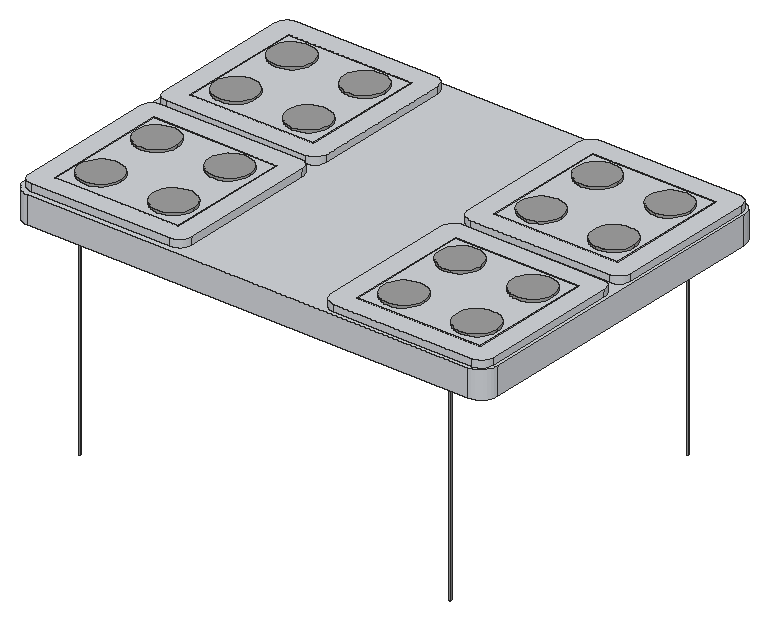
Revit family "Lighting-Industrial-GEWISS-SMART[4]HE_HIGHBAYS-LED_EMERGENCY_4M", category Apparecchi per illuminazione, Revit 2019
Family settings
  Quota connettore circolare = Usa diametro
  Tipo di parte = Normale
  Numero OmniClass = 23.80.70.00
  Titolo OmniClass = Lighting
  Basato su piano di lavoro = Sì
  Sempre verticale = No
  Taglio con vuoti quando caricato = No
  Sorgente d'illuminazione = No
  Condiviso = No
  Punto di calcolo locali = No
Parameters (values of type "GWS4424AQ857 - SMART4HB 4M EMERG ELL.57K")
  Wiring = "With GW connect watertight connector"
  Weight (kg): = "15"
  Warranty = "5 years"
  Voltaggio = 230 V
  Version file RFA = "20.11"
  Unique digital code (Datamatrix) = "Datamatrix"
  Unified Glare Rating = "-"
  URL = "https://www.gewiss.com/ww/en"
  Type of light source = "LED - Not replaceable"
  Tilt- = "-"
  Technical sheet = "https://www.gewiss.com/ww/en/search?q=GWS4424AQ857"
  System power : = "189 W (+5W Emerg.)"
  Supply voltage = "220 - 240 V"
  Stocking temperature = "-40 +70 °C"
  Standards and approvals = "-"
  Standard- = "EN 60598-2-22 ; EN 60598-1 ; EN 60598-2-24"
  Standard Deviation Colour Matching = "SDCM = 3"
  Spostamento_y_etichetta [instance] = 0 mm
  Spostamento_y_effettivo_etichetta [instance] = 1500 mm - Spostamento_y_etichetta  # 1500 mm
  Spostamento_x_etichetta [instance] = 0 mm
  Spostamento_x_effettivo_etichetta [instance] = 1500 mm - Spostamento_x_etichetta  # 1500 mm
  Shock resistance = "IK08"
  Shield type = "Tempered glass Thickness 4mm"
  Realized by GEWISS S.p.A. = ""
  Rated frequency (Hz) = "50/60 Hz"
  Produttore = "GEWISS S.p.A."
  Photobiological Risk Class = "RG0"
  Overvoltage protection = "DM 6 kV / CM 10 kV"
  Optic and illuminating features = "-"
  Optic Maintenance = "Non-replaceable"
  Optic : = "Metallic PC reflector and PMMA lenses"
  Optic = "Elliptical"
  Operating temperature : = "0 ÷ +40 °C"
  Offset etichetta W [instance] = 150 mm
  Mouting and installation = "Ceiling light - Suspension"
  Modello = "GWS4424AQ857"
  Maximum surface exposed to the wind : = "0,390 m²"
  Materials = "-"
  Luminaire = "LED Industrial Reflector "
  Lumen output (lm) : = "25100 (750 Emerg.)"
  Locking Hook = "-"
  Lifetime = "L90B10 (Tq+25°C) = 100.000 h - L90B10 (Tq+50°C) = 50.000 h"
  Lampada = "LED"
  LED Maintenance = "NiMh Battery Only"
  Insulation class = "I"
  Installationa and maintenance = "-"
  Immagine tipo = GWL1371.jpg
  IPEA = "-"
  IP degree = "IP65"
  IFC.TypeObject = ""
  IFC.ExportType = ""
  IFC.ExportAs = ""
  IDT = "1adfa9cf797d4895a1fab49bc89e804b"
  IDF = "a6214cc1-27ff-45b2-8af4-b6419296a538"
  Glow Wire Test : = "850 °C"
  General information = "-"
  Gasket = "anti-aging silicone"
  Fixing = "-"
  External screw = "Stainless steel"
  Etichetta wattaggio [instance] = yes
  Spessore plafoniera = 40 mm  # constant formula
  Default Elevation = 1219.2 mm
  Proiettsmart4_simb [instance] = yes
  Plafoniera_bidimensionale [instance] = not(Proiettsmart4_simb)  # no
  Eletrical and lighting features = "-"
  Electrocod = "2444"
  Efficiency (lm/W) = "129"
  Driver Box = "Built-in"
  Driver = "Included"
  Device with reduced surface temperature = "Yes"
  Descrizione = "SMART[4]HB 4M EMERG ELL.57K"
  DIN 18032-3 certification = "-"
  Control System = "2 x DALI DT6 + 1 x DALI DT1 (Emerg. 3h)"
  Context = "Lighting for industries and large sports facilities"
  Commenti sul wattaggio = "194W"
  Colour temperature = "5700K"
  Colour : = "Grey RAL 7035"
  Colour = "Grey RAL 7035"
  Color Rendering Index = "CRI-80"
  Classificazione = Lighting
  Classification: = "-"
  Catalogue = "LIGHTING"
  Carico apparente = 194 VA
  Lunghezza = 700 mm  # constant formula
  Larghezza = 504 mm  # constant formula
  Distanza_tot_plafoniera [instance] = 300 mm
  Distanza Sorg_Lum = 21.458 mm
  COBie.Tagnumber = ""
  COBie.CreatedOn = ""
  COBie.CreatebBy = ""
  COBie.ComponentRegisterItemID = ""
  COBie.Component.TagNumber = ""
  COBie.Component.Space = ""
  COBie.Component.SerialNumber = ""
  COBie.Component.InstallationDate = ""
  COBie.Component.Description = ""
  COBie.Component.BarCode = ""
  Body = "PA6 \"Halogen Free\" loaded fibreglass"
  Application = "Internal"
Types (18, lengths in mm): name | Unified Glare Rating | Technical sheet | Optic : | Optic | Modello | Lumen output (lm) : | IDT | Efficiency (lm/W) | Descrizione | Control System | Colour temperature
  GWS4424AF830 - SMART4HB 4M EMERG 30° 30K | "UGR - 19" | "https://www.gewiss.com/ww/en/search?q=GWS4424AF830" | "Metallic PC reflector and PMMA lenses" | "30°" | "GWS4424AF830" | "26400 (810 Emerg.)" | "f45d6d831ac548db855c4f1aa7820c72" | "136" | "SMART[4]HB 4M EMERG 30° 30K" | "2 x DALI DT6 + 1 x DALI DT1 (Emerg. 3h)" | "3000K"
  GWS4424AF840 - SMART4HB 4M EMERG 30° 40K | "UGR - 19" | "https://www.gewiss.com/ww/en/search?q=GWS4424AF840" | "Metallic PC reflector and PMMA lenses" | "30°" | "GWS4424AF840" | "27700 (850 Emerg.)" | "b457ad9b2ffb4fc692e71463a0755cbf" | "143" | "SMART[4]HB 4M EMERG 30° 40K" | "2 x DALI DT6 + 1 x DALI DT1 (Emerg. 3h)" | "4000K"
  GWS4424AF857 - SMART4HB 4M EMERG 30° 57K | "UGR - 19" | "https://www.gewiss.com/ww/en/search?q=GWS4424AF857" | "Metallic PC reflector and PMMA lenses" | "30°" | "GWS4424AF857" | "27700 (850 Emerg.)" | "892408308b964565ab6fdbc419a326b9" | "143" | "SMART[4]HB 4M EMERG 30° 57K" | "2 x DALI DT6 + 1 x DALI DT1 (Emerg. 3h)" | "5700K"
  GWS4424AH830 - SMART4HB 4M EMERG 60° 30K | "UGR - 19" | "https://www.gewiss.com/ww/en/search?q=GWS4424AH830" | "Metallic PC reflector and PMMA lenses" | "60°" | "GWS4424AH830" | "26800 (810 Emerg.)" | "8551b52580a244ecb20d189173bddff9" | "138" | "SMART[4]HB 4M EMERG 60° 30K" | "2 x DALI DT6 + 1 x DALI DT1 (Emerg. 3h)" | "3000K"
  GWS4424AH840 - SMART4HB 4M EMERG 60° 40K | "UGR - 19" | "https://www.gewiss.com/ww/en/search?q=GWS4424AH840" | "Metallic PC reflector and PMMA lenses" | "60°" | "GWS4424AH840" | "28100 (850 Emerg.)" | "f777883d11b441a2ad5cf0a67e6d171e" | "145" | "SMART[4]HB 4M EMERG 60° 40K" | "2 x DALI DT6 + 1 x DALI DT1 (Emerg. 3h)" | "4000K"
  GWS4424AH857 - SMART4HB 4M EMERG 60° 57K | "UGR - 19" | "https://www.gewiss.com/ww/en/search?q=GWS4424AH857" | "Metallic PC reflector and PMMA lenses" | "60°" | "GWS4424AH857" | "28100 (850 Emerg.)" | "6f3596e650114c3da0338a362b6f0903" | "145" | "SMART[4]HB 4M EMERG 60° 57K" | "2 x DALI DT6 + 1 x DALI DT1 (Emerg. 3h)" | "5700K"
  GWS4424AP830 - SMART4HB 4M EMERG 90° 30K | "UGR - 22" | "https://www.gewiss.com/ww/en/search?q=GWS4424AP830" | "Metallic PC reflector and PMMA lenses" | "90°" | "GWS4424AP830" | "27000 (810 Emerg.)" | "1fe20f014f7344988026cf9d1557adbe" | "139" | "SMART[4]HB 4M EMERG 90° 30K" | "2 x DALI DT6 + 1 x DALI DT1 (Emerg. 3h)" | "3000K"
  GWS4424AP840 - SMART4HB 4M EMERG 90° 40K | "UGR - 22" | "https://www.gewiss.com/ww/en/search?q=GWS4424AP840" | "Metallic PC reflector and PMMA lenses" | "90°" | "GWS4424AP840" | "28300 (850 Emerg.)" | "be8534fa63e445adaded6c0285676ba1" | "146" | "SMART[4]HB 4M EMERG 90° 40K" | "2 x DALI DT6 + 1 x DALI DT1 (Emerg. 3h)" | "4000K"
  GWS4424AP857 - SMART4HB 4M EMERG 90° 57K | "UGR - 22" | "https://www.gewiss.com/ww/en/search?q=GWS4424AP857" | "Metallic PC reflector and PMMA lenses" | "90°" | "GWS4424AP857" | "28300 (850 Emerg.)" | "826d5be82a0c4e84aba98d9d2a7d1379" | "146" | "SMART[4]HB 4M EMERG 90° 57K" | "2 x DALI DT6 + 1 x DALI DT1 (Emerg. 3h)" | "5700K"
  GWS4424AA830 - SMART4HB 4M EMERG ARR.30K | "UGR - 25" | "https://www.gewiss.com/ww/en/search?q=GWS4424AA830" | "Metallized polycarbonate reflector" | "Array" | "GWS4424AA830" | "26700 (810 Emerg.)" | "4567208188b94363bb2cdd9c83872ac7" | "138" | "SMART[4]HB 4M EMERG ARR.30K" | "1 x DALI DT6 + 1 x DALI DT1 (Emerg. 3h)" | "3000K"
  GWS4424AA840 - SMART4HB 4M EMERG ARR.40K | "UGR - 25" | "https://www.gewiss.com/ww/en/search?q=GWS4424AA840" | "Metallized polycarbonate reflector" | "Array" | "GWS4424AA840" | "28000 (850 Emerg.)" | "5bd31d7bd4e148d7888e7074d35043d9" | "144" | "SMART[4]HB 4M EMERG ARR.40K" | "2 x DALI DT6 + 1 x DALI DT1 (Emerg. 3h)" | "4000K"
  GWS4424AA857 - SMART4HB 4M EMERG ARR.57K | "UGR - 25" | "https://www.gewiss.com/ww/en/search?q=GWS4424AA857" | "Metallized polycarbonate reflector" | "Array" | "GWS4424AA857" | "28000 (850 Emerg.)" | "d52abd8b615b4e77b3ba5a9bc5b24d43" | "144" | "SMART[4]HB 4M EMERG ARR.57K" | "2 x DALI DT6 + 1 x DALI DT1 (Emerg. 3h)" | "5700K"
  GWS4424AC830 - SMART4HB 4M EMERG ASI.30K | "-" | "https://www.gewiss.com/ww/en/search?q=GWS4424AC830" | "Metallic PC reflector and PMMA lenses" | "Asymmetrical" | "GWS4424AC830" | "23900 (710 Emerg.)" | "9b6c4dacea0f43cb8474a1626cc54fb1" | "123" | "SMART[4]HB 4M EMERG ASI.30K" | "2 x DALI DT6 + 1 x DALI DT1 (Emerg. 3h)" | "3000K"
  GWS4424AC840 - SMART4HB 4M EMERG ASI.40K | "-" | "https://www.gewiss.com/ww/en/search?q=GWS4424AC840" | "Metallic PC reflector and PMMA lenses" | "Asymmetrical" | "GWS4424AC840" | "25100 (750 Emerg.)" | "ff9988bd215744bbb5b3d4ff7b234d06" | "129" | "SMART[4]HB 4M EMERG ASI.40K" | "2 x DALI DT6 + 1 x DALI DT1 (Emerg. 3h)" | "4000K"
  GWS4424AC857 - SMART4HB 4M EMERG ASI.57K | "-" | "https://www.gewiss.com/ww/en/search?q=GWS4424AC857" | "Metallic PC reflector and PMMA lenses" | "Asymmetrical" | "GWS4424AC857" | "25100 (750 Emerg.)" | "7353f4f9e89641fd9d0f3864277c1089" | "129" | "SMART[4]HB 4M EMERG ASI.57K" | "2 x DALI DT6 + 1 x DALI DT1 (Emerg. 3h)" | "5700K"
  GWS4424AQ830 - SMART4HB 4M EMERG ELL.30K | "-" | "https://www.gewiss.com/ww/en/search?q=GWS4424AQ830" | "Metallic PC reflector and PMMA lenses" | "Elliptical" | "GWS4424AQ830" | "23900 (710 Emerg.)" | "d8be7f5233584710a5c6c54620f75317" | "123" | "SMART[4]HB 4M EMERG ELL.30K" | "2 x DALI DT6 + 1 x DALI DT1 (Emerg. 3h)" | "3000K"
  GWS4424AQ840 - SMART4HB 4M EMERG ELL.40K | "-" | "https://www.gewiss.com/ww/en/search?q=GWS4424AQ840" | "Metallic PC reflector and PMMA lenses" | "Elliptical" | "GWS4424AQ840" | "25100 (750 Emerg.)" | "6b6cca2222e7401bb119f0d3f1e734a1" | "129" | "SMART[4]HB 4M EMERG ELL.40K" | "2 x DALI DT6 + 1 x DALI DT1 (Emerg. 3h)" | "4000K"
  GWS4424AQ857 - SMART4HB 4M EMERG ELL.57K | "-" | "https://www.gewiss.com/ww/en/search?q=GWS4424AQ857" | "Metallic PC reflector and PMMA lenses" | "Elliptical" | "GWS4424AQ857" | "25100 (750 Emerg.)" | "1adfa9cf797d4895a1fab49bc89e804b" | "129" | "SMART[4]HB 4M EMERG ELL.57K" | "2 x DALI DT6 + 1 x DALI DT1 (Emerg. 3h)" | "5700K"
Reference planes
  plane 1 "Asse sorgente illuminazione (F/B)": y = 0
  plane 2 "2": z = 0
  plane 3 "Asse sorgente illuminazione (L/R)": x = 0
  plane 4 "Prospetto sorgente di illuminazione": z = 1500
  plane 5: x = -350
  plane 6: y = 252
  plane 7: x = 350
  plane 8: y = -252
  plane 9: x = 345
  plane 10: x = -345
  plane 11: x = -104.5
  plane 12: x = 104.5
  plane 13: y = 0
  plane 14: y = -1500
  plane 15: z = 300
  plane 16: z = 340
  plane 17: z = 350
  plane 18: x = -1500
  plane 19: x = 0
  plane 20: y = 0
Dimensions and locks
  equal spacing: plane 6, plane 1 "Asse sorgente illuminazione (F/B)", plane 8
  "Larghezza": plane 6 to plane 8
  equal spacing: plane 5, plane 3 "Asse sorgente illuminazione (L/R)", plane 7
  "Lunghezza": plane 5 to plane 7
  locked: plane 5 to plane 10 at 5
  locked: plane 9 to plane 7 at 5
  locked: plane 16 to plane 15 at 40
  plane 17 to plane 16 = 10 mm
  "Distanza_tot_plafoniera": plane 15 to plane 2 "2"
  plane 18 to plane 3 "Asse sorgente illuminazione (L/R)" = 1500 mm
  plane 1 "Asse sorgente illuminazione (F/B)" to plane 14 = 1500 mm
  "Spostamento_y_effettivo_etichetta": plane 20 to plane 14
  "Spostamento_x_effettivo_etichetta": plane 18 to plane 19
  aligned and locked: level to plane 2 "2"
  aligned and locked: plane 5 to nested 1
  aligned and locked: plane 6 to nested 1
  aligned and locked: plane 9 to nested 2  (x2)
  aligned and locked: plane 10 to nested 12
  aligned and locked: nested 1 to plane 15
  aligned and locked: nested 17 to plane 16
  aligned and locked: plane 16 to nested 12
  aligned and locked: plane 16 to nested 7
  aligned and locked: nested 2 to plane 16
  aligned and locked: plane 17 to nested 19
  aligned and locked: nested 21 to plane 17
  aligned and locked: plane 17 to nested 16
  aligned and locked: nested 14 to plane 17
  aligned and locked: plane 17 to nested 18
  aligned and locked: nested 20 to plane 17
  aligned and locked: plane 17 to nested 15
  aligned and locked: nested 13 to plane 17
  aligned and locked: nested 8 to plane 17
  aligned and locked: plane 17 to nested 10
  aligned and locked: nested 5 to plane 17
  aligned and locked: plane 17 to nested 3
  aligned and locked: nested 9 to plane 17
  aligned and locked: plane 17 to nested 11
  aligned and locked: nested 6 to plane 17
  aligned and locked: plane 17 to nested 4
  aligned and locked: nested 22 to plane 2 "2"
  aligned and locked: nested 23 to plane 2 "2"
  aligned and locked: nested 24 to plane 2 "2"
  aligned and locked: nested 25 to plane 2 "2"
  aligned and locked: nested 28 to plane 20
  aligned and locked: nested 28 to plane 19
Nested families
  nested 1: "Struttura_SMART 4" at (0, 0, 340), type "SMART 4 HB - 4 x 4L"
  nested 2: "mascherina_SMART (4)" at (225, 127, 350), type "Maschera_smart (4) 4L", detail levels fine
  nested 3: "Gewis - Led" at (172.217, 179, 353), type "Gewis - Led", detail levels medium+fine
  nested 4: "Gewis - Led" at (280, 179, 353), type "Gewis - Led", detail levels medium+fine
  nested 5: "Gewis - Led" at (172.217, 75, 353), type "Gewis - Led", detail levels medium+fine
  nested 6: "Gewis - Led" at (280, 75, 353), type "Gewis - Led", detail levels medium+fine
  nested 7: "mascherina_SMART (4)" at (225, -127, 350), type "Maschera_smart (4) 4L", detail levels fine
  nested 8: "Gewis - Led" at (172.217, -179, 353), type "Gewis - Led", detail levels medium+fine
  nested 9: "Gewis - Led" at (280, -179, 353), type "Gewis - Led", detail levels medium+fine
  nested 10: "Gewis - Led" at (172.217, -75, 353), type "Gewis - Led", detail levels medium+fine
  nested 11: "Gewis - Led" at (280, -75, 353), type "Gewis - Led", detail levels medium+fine
  nested 12: "mascherina_SMART (4)" at (-225, 127, 350) x (-1, 0, 0) z (0, 0, 1), type "Maschera_smart (4) 4L", detail levels fine
  nested 13: "Gewis - Led" at (-172.217, 179, 353) x (-1, 0, 0) z (0, 0, 1), type "Gewis - Led", detail levels medium+fine
  nested 14: "Gewis - Led" at (-280, 179, 353) x (-1, 0, 0) z (0, 0, 1), type "Gewis - Led", detail levels medium+fine
  nested 15: "Gewis - Led" at (-172.217, 75, 353) x (-1, 0, 0) z (0, 0, 1), type "Gewis - Led", detail levels medium+fine
  nested 16: "Gewis - Led" at (-280, 75, 353) x (-1, 0, 0) z (0, 0, 1), type "Gewis - Led", detail levels medium+fine
  nested 17: "mascherina_SMART (4)" at (-225, -123, 350) x (-1, 0, 0) z (0, 0, 1), type "Maschera_smart (4) 4L", detail levels fine
  nested 18: "Gewis - Led" at (-172.217, -175, 353) x (-1, 0, 0) z (0, 0, 1), type "Gewis - Led", detail levels medium+fine
  nested 19: "Gewis - Led" at (-280, -175, 353) x (-1, 0, 0) z (0, 0, 1), type "Gewis - Led", detail levels medium+fine
  nested 20: "Gewis - Led" at (-172.217, -71, 353) x (-1, 0, 0) z (0, 0, 1), type "Gewis - Led", detail levels medium+fine
  nested 21: "Gewis - Led" at (-280, -71, 353) x (-1, 0, 0) z (0, 0, 1), type "Gewis - Led", detail levels medium+fine
  nested 22: "Sospensione_ SMART LAB 4" at (274.338, -220.687, 0), Altezza sospensione <- "Distanza_tot_plafoniera", type "Sospensione_ SMART LAB 4"
    with Altezza sospensione 300 mm
  nested 23: "Sospensione_ SMART LAB 4" at (274.338, 219.313, 0), Altezza sospensione <- "Distanza_tot_plafoniera", type "Sospensione_ SMART LAB 4"
    with Altezza sospensione 300 mm
  nested 24: "Sospensione_ SMART LAB 4" at (-274.338, -220.687, 0), Altezza sospensione <- "Distanza_tot_plafoniera", type "Sospensione_ SMART LAB 4"
    with Altezza sospensione 300 mm
  nested 25: "Sospensione_ SMART LAB 4" at (-274.338, 219.313, 0), Altezza sospensione <- "Distanza_tot_plafoniera", type "Sospensione_ SMART LAB 4"
    with Altezza sospensione 300 mm
  nested 26: "Rappr_ bidimensionale" at (0, 0, 0), visible <- "Plafoniera_bidimensionale", type "4 X4 LED"
  nested 27: "PROIETTSMART - 4" at (0, 0, 0), visible <- "Proiettsmart4_simb", type "PROIETTSMART - 4"
  nested 28: "ETICHETTA LIGHT" at (0, 0, 0), type "ETICHETTA LIGHT"
Connectors
  electrical at (0.009, -0.098, 300), driven by "Classificazione", driven by "Carico apparente"
    settings: on nested 1, index 1, voltage 230 V, apparent load 0 VA, apparent load phase1 194 VA, apparent load phase2 0 VA, apparent load phase3 0 VA, power factor 1, load classification "Lighting", number of poles 2, system type 31, power factor state 1, is connector primary yes, connector utility no, sub classification motor no, connector description ""
Definition of nested family "Struttura_SMART 4"
  Parameters (values of type "SMART 4 HB - 4 x 4L")
    Struttura plafoniera = none
    Spessore_plafoniera = 40 mm
    Lunghezza = 700 mm
    Larghezza = 504 mm
  Types (2, lengths in mm): name | Lunghezza | Larghezza
    SMART 4 HB - 4+4L | 699 | 254
    SMART 4 HB - 4 x 4L | 700 | 504
  Reference planes
    plane 1 "Asse sorgente illuminazione (F/B)": y = 0
    plane 2: z = 0
    plane 3 "Asse sorgente illuminazione (L/R)": x = 0
    plane 4 "Prospetto sorgente di illuminazione": z = -40
    plane 5 "SX": x = -350
    plane 6 "DX": x = 350
    plane 7 "DIETRO": y = 252
    plane 8 "AVANTI": y = -252
    plane 9: x = 107
    plane 10: x = 339
    plane 11: y = -241
    plane 12: y = 241
    plane 13: x = -339
    plane 14: x = -107
  Forms (mm)
    Extrusion 1, solid, material <- "Struttura plafoniera"
      sketch origin (0, 0, 0) x (1, 0, 0) y (0, 1, 0)
        loop
          line (350, -227.595) -> (350, 227.59)
          arc (350, 227.59) -> (342.85, 244.85) -> (325.59, 252) r 24.41
          line (325.59, 252) -> (-325.509, 252)
          arc (-325.509, 252) -> (-343.054, 244.6) -> (-350, 226.871) r 24.499
          line (-350, 226.871) -> (-350, -227.592)
          arc (-350, -227.592) -> (-342.851, -244.851) -> (-325.592, -252) r 24.408
          line (-325.592, -252) -> (325.617, -252)
          arc (325.617, -252) -> (342.834, -244.868) -> (349.965, -227.652) r 24.348
      from -40 to 0
  Dimensions and locks
    equal spacing: plane 5 "SX", plane 3 "Asse sorgente illuminazione (L/R)", plane 6 "DX"
    equal spacing: plane 7 "DIETRO", plane 1 "Asse sorgente illuminazione (F/B)", plane 8 "AVANTI"
    "Lunghezza": plane 5 "SX" to plane 6 "DX"
    "Larghezza": plane 7 "DIETRO" to plane 8 "AVANTI"
    locked: plane 7 "DIETRO" to plane 12 at 11
    locked: plane 11 to plane 8 "AVANTI" at 11
    locked: plane 10 to plane 6 "DX" at 11
    locked: plane 9 to plane 10 at 232
    plane 13 to plane 14 = 232 mm
    locked: plane 5 "SX" to plane 13 at 11
    "Spessore_plafoniera": plane 2 to plane 4 "Prospetto sorgente di illuminazione"
    aligned and locked: level to plane 2
    aligned and locked: Extrusion 1 to plane 5 "SX"
    aligned and locked: Extrusion 1 to plane 8 "AVANTI"  (x2)
    aligned and locked: plane 7 "DIETRO" to Extrusion 1
    aligned and locked: plane 6 "DX" to Extrusion 1
    aligned and locked: plane 4 "Prospetto sorgente di illuminazione" to Extrusion 1
    aligned and locked: plane 2 to Extrusion 1
  Automatic sketch dimensions
    Extrusion 1 sketch curve to plane 5 "SX" = 0 mm
    Extrusion 1 sketch curve to plane 8 "AVANTI" = 0 mm
    Extrusion 1 sketch curve to plane 7 "DIETRO" = 0 mm
    Extrusion 1 sketch curve to plane 6 "DX" = 0 mm
    plane 13 to Extrusion 1 sketch curve = 13.408 mm
    plane 13 to Extrusion 1 sketch curve = 13.491 mm
    Extrusion 1 sketch curve to plane 10 = 13.41 mm
    Extrusion 1 sketch curve to plane 10 = 13.383 mm
    plane 11 to Extrusion 1 sketch curve = 13.348 mm
    Extrusion 1 sketch curve to plane 12 = 14.129 mm
    Extrusion 1 sketch curve to Extrusion 1 sketch curve = 0.056 mm
Definition of nested family "mascherina_SMART (4)"
  Parameters (values of type "Maschera_smart (4) 4L")
    Spessore_mascherina = 10 mm
    Default Elevation = 1219.2 mm
    N.intarsi = (Lunghezza_mascherina - (Bordo * 2)) / 15 mm  # 12
    N._intarsi verticale = (Larghezza_mascherina - (Bordo * 2)) / 17 mm  # 11
    Mascherina = none
    Lunghezza_mascherina = 240 mm
    Larghezza_mascherina = 240 mm
    Distanza_intarsi v. = 41 mm  # constant formula
    Distanza_intarsi = 37 mm  # constant formula
    Bordo = 29 mm
  Reference planes
    plane 1 "Centro (Fronte/Retro)": y = 0
    plane 2: z = 0
    plane 3 "Centro (Sinistra/Destra)": x = 0
    plane 4: x = -120
    plane 5 "Dietro": y = 120
    plane 6: x = 120
    plane 7: y = -120
    plane 8: x = -91
    plane 9: y = -91
    plane 10: x = 91
    plane 11: y = 91
    plane 12: x = -83
    plane 13: y = 94.742
    plane 14: y = -95
    plane 15: z = -10
    plane 16: x = -95
    plane 17: y = 79
    plane 18: y = -79
    plane 19: x = 95
    plane 20: z = -4.799
  Forms (mm)
    Extrusion 1, solid, material <- "Mascherina"
      sketch origin (0, 0, 0) x (1, 0, 0) y (0, 1, 0)
        loop
          arc (-102.5, 120) -> (-114.874, 114.874) -> (-120, 102.5) r 17.5
          line (-120, 102.5) -> (-120, -102.5)
          arc (-120, -102.5) -> (-114.874, -114.874) -> (-102.5, -120) r 17.5
          line (-102.5, -120) -> (102.5, -120)
          arc (102.5, -120) -> (114.874, -114.874) -> (120, -102.5) r 17.5
          line (120, -102.5) -> (120, 102.5)
          arc (120, 102.5) -> (114.874, 114.874) -> (102.5, 120) r 17.5
          line (102.5, 120) -> (-102.5, 120)
        loop
          line (-91, 91) -> (-91, -91) -> (91, -91) -> (91, 91) -> (-91, 91)
      from -10 to 0
    Extrusion 2, solid, material <- "Mascherina"
      sketch origin (0, 0, 0) x (1, 0, 0) y (0, 1, 0)
        loop
          line (-91, 91) -> (-91, -91) -> (91, -91) -> (91, 91) -> (-91, 91)
      from -4.799 to 0
  Dimensions and locks
    equal spacing: plane 4, plane 3 "Centro (Sinistra/Destra)", plane 6
    "Lunghezza_mascherina": plane 4 to plane 6
    equal spacing: plane 5 "Dietro", plane 1 "Centro (Fronte/Retro)", plane 7
    "Larghezza_mascherina": plane 5 "Dietro" to plane 7
    "Bordo": plane 4 to plane 8
    "Bordo": plane 9 to plane 7
    "Bordo": plane 5 "Dietro" to plane 11
    "Bordo": plane 10 to plane 6
    "Distanza_intarsi": plane 4 to plane 12
    locked: plane 13 to plane 11 at 3.742
    "Spessore_mascherina": plane 2 to plane 15
    "Distanza_intarsi v.": plane 5 "Dietro" to plane 17
    "Distanza_intarsi v.": plane 18 to plane 7
    locked: plane 9 to plane 14 at 4
    locked: plane 16 to plane 8 at 4
    locked: plane 10 to plane 19 at 4
    locked: plane 2 to plane 20 at 4.799
    radius of Extrusion 1 sketch curve = 17.5 mm  (x4)
    aligned and locked: level to plane 2
    aligned and locked: plane 4 to Extrusion 1 sketch curve
    aligned and locked: plane 6 to Extrusion 1 sketch curve
    aligned and locked: Extrusion 1 sketch curve to plane 5 "Dietro"
    aligned and locked: Extrusion 1 sketch curve to plane 7
    aligned and locked: Extrusion 1 sketch curve to plane 11
    aligned and locked: plane 8 to Extrusion 1 sketch curve
    aligned and locked: plane 9 to Extrusion 1 sketch curve
    aligned and locked: Extrusion 1 sketch curve to plane 10
    aligned and locked: plane 2 to Extrusion 1
    aligned and locked: Extrusion 1 to plane 15
    aligned and locked: Extrusion 2 sketch curve to plane 10
    aligned and locked: plane 9 to Extrusion 2 sketch curve
    aligned and locked: plane 8 to Extrusion 2 sketch curve
    aligned and locked: Extrusion 2 sketch curve to plane 11
    aligned and locked: plane 2 to Extrusion 2
    aligned and locked: Extrusion 2 to plane 20
Definition of nested family "Gewis - Led"
  Parameters (values of type "Gewis - Led")
    Vetro = none
    Raggio led = 30 mm
    Default Elevation = 1219.2 mm
    Estensione vetro = 3 mm
  Reference planes
    plane 1 "Centro (Fronte/Retro)": y = 0
    plane 2: z = 0
    plane 3 "Centro (Sinistra/Destra)": x = 0
  Forms (mm)
    Extrusion 1, solid, material <- "Vetro"
      sketch origin (0, 0, 0) x (1, 0, 0) y (0, 1, 0)
        loop
          circle (0, 0) r 30
      from -3 to 0
  Dimensions and locks
    "Estensione vetro": level to Extrusion 1
    "Raggio led": radius of Extrusion 1 sketch curve
    aligned and locked: level to plane 2
    aligned and locked: level to Extrusion 1
  Automatic sketch dimensions
    plane 1 "Centro (Fronte/Retro)" to Extrusion 1 sketch curve = 0 mm
    Extrusion 1 sketch curve to plane 3 "Centro (Sinistra/Destra)" = 0 mm
Definition of nested family "Sospensione_ SMART LAB 4"
  Parameters (values of type "Sospensione_ SMART LAB 4")
    Default Elevation = 1219.2 mm
    Altezza sospensione [instance] = 500 mm
  Reference planes
    plane 1 "Center (Front/Back)": y = 0
    plane 2: z = 0
    plane 3 "Center (Left/Right)": x = 0
    plane 4: z = 500
  Forms (mm)
    Extrusion 1, solid
      sketch origin (0, 0, 0) x (1, 0, 0) y (0, 1, 0)
        loop
          circle (0, -0.028) r 1.25
      from 0 to 500
  Lines and regions (mm)
    model lines, not visible
      curve 1: line (0, 0, 0) -> (0, 0, 9.482)
  Dimensions and locks
    "Altezza sospensione": plane 4 to level
    plane 4 to plane 2 = 500 mm
    aligned and locked: level to plane 2
    aligned and locked: plane 4 to Extrusion 1
    aligned and locked: Extrusion 1 to plane 2
  Automatic sketch dimensions
    Extrusion 1 sketch curve to plane 3 "Center (Left/Right)" = 0 mm
    plane 1 "Center (Front/Back)" to Extrusion 1 sketch curve = 0.028 mm
    curve 1 to plane 3 "Center (Left/Right)" = 0 mm
    curve 1 to level = 0 mm
    curve 1 to curve 1 = 9.482 mm
    radius of Extrusion 1 sketch curve = 1.25 mm
Definition of nested family "Rappr_ bidimensionale"
  Parameters (values of type "4 X4 LED")
    5 LED = no
    4 LED = not([5 LED])  # yes
  Reference planes
    plane 1 "Centro (Fronte/Retro)": y = 0
    plane 2: z = 0
    plane 3 "Centro (Sinistra/Destra)": x = 0
  Lines and regions (mm)
    model lines, in view "Livello rif.", visible <- "4 LED"
      curve 1: circle (176.124, 171.566, 0) r 28.619 normal (0, 0, 1)
      curve 2: circle (270.124, 77.566, 0) r 28.619 normal (0, 0, 1)
      curve 3: circle (176.124, 77.566, 0) r 28.619 normal (0, 0, 1)
      curve 4: circle (270.124, 171.566, 0) r 28.619 normal (0, 0, 1)
      curve 5: circle (-175.025, 77.434, 0) r 28.619 normal (0, 0, 1)
      curve 6: circle (-269.025, 171.434, 0) r 28.619 normal (0, 0, 1)
      curve 7: circle (-175.025, 171.434, 0) r 28.619 normal (0, 0, 1)
      curve 8: circle (-269.025, 77.434, 0) r 28.619 normal (0, 0, 1)
      curve 9: circle (-175.025, -171.611, 0) r 28.619 normal (0, 0, 1)
      curve 10: circle (-269.025, -77.611, 0) r 28.619 normal (0, 0, 1)
      curve 11: circle (-175.025, -77.611, 0) r 28.619 normal (0, 0, 1)
      curve 12: circle (-269.025, -171.611, 0) r 28.619 normal (0, 0, 1)
      curve 13: circle (176.124, -77.434, 0) r 28.619 normal (0, 0, 1)
      curve 14: circle (270.124, -171.434, 0) r 28.619 normal (0, 0, 1)
      curve 15: circle (176.124, -171.434, 0) r 28.619 normal (0, 0, 1)
      curve 16: circle (270.124, -77.434, 0) r 28.619 normal (0, 0, 1)
    model lines, in view "Livello rif."
      curve 17: arc (-326.07, 251.865, 0) -> (-342.562, 245.006, 0) -> (-349.39, 228.5, 0) r 23.365
      curve 18: arc (350.489, 228.546, 0) -> (343.613, 245.054, 0) -> (327.079, 251.865, 0) r 23.365
      curve 19: arc (327.098, -251.865, 0) -> (343.653, -245.015, 0) -> (350.489, -228.454, 0) r 23.365
      curve 20: arc (-349.39, -228.5, 0) -> (-342.555, -245.013, 0) -> (-326.05, -251.865, 0) r 23.365
      curve 21: arc (-102.728, -20.5, 0) -> (-107.214, -9.678, 0) -> (-118.041, -5.203, 0) r 15.297
      curve 22: arc (-118.041, 5.203, 0) -> (-107.214, 9.678, 0) -> (-102.728, 20.5, 0) r 15.297
      curve 23: arc (-118.041, -243.797, 0) -> (-107.214, -239.322, 0) -> (-102.728, -228.5, 0) r 15.297
      curve 24: arc (327.107, 5.203, 0) -> (337.947, 9.69, 0) -> (342.421, 20.535, 0) r 15.297
      curve 25: arc (103.827, 20.465, 0) -> (108.314, 9.677, 0) -> (119.107, 5.203, 0) r 15.297
      curve 26: arc (119.089, 243.797, 0) -> (108.308, 239.316, 0) -> (103.827, 228.535, 0) r 15.297
      curve 27: arc (342.421, 228.535, 0) -> (337.916, 239.341, 0) -> (327.089, 243.797, 0) r 15.297
      curve 28: arc (-341.321, 20.535, 0) -> (-336.859, 9.702, 0) -> (-326.041, 5.203, 0) r 15.297
      curve 29: arc (-326.059, 243.797, 0) -> (-336.865, 239.292, 0) -> (-341.321, 228.465, 0) r 15.297
      curve 30: arc (-102.728, 228.5, 0) -> (-107.22, 239.329, 0) -> (-118.059, 243.797, 0) r 15.297
      curve 31: arc (342.421, -20.465, 0) -> (337.922, -9.666, 0) -> (327.107, -5.203, 0) r 15.297
      curve 32: arc (327.107, -243.797, 0) -> (337.947, -239.31, 0) -> (342.421, -228.465, 0) r 15.297
      curve 33: arc (103.827, -228.535, 0) -> (108.314, -239.323, 0) -> (119.107, -243.797, 0) r 15.297
      curve 34: arc (119.107, -5.203, 0) -> (108.314, -9.677, 0) -> (103.827, -20.465, 0) r 15.297
      curve 35: arc (-341.321, -228.465, 0) -> (-336.859, -239.298, 0) -> (-326.041, -243.797, 0) r 15.297
      curve 36: arc (-326.041, -5.203, 0) -> (-336.859, -9.702, 0) -> (-341.321, -20.535, 0) r 15.297
      curve 37: line (130.624, 32, 0) -> (130.624, 217, 0)
      curve 38: line (130.624, 217, 0) -> (315.624, 217, 0)
      curve 39: line (315.624, 217, 0) -> (315.624, 32, 0)
      curve 40: line (315.624, 32, 0) -> (130.624, 32, 0)
      curve 41: line (-129.525, 32, 0) -> (-314.525, 32, 0)
      curve 42: line (-314.525, 32, 0) -> (-314.525, 217, 0)
      curve 43: line (-314.525, 217, 0) -> (-129.525, 217, 0)
      curve 44: line (-129.525, 217, 0) -> (-129.525, 32, 0)
      curve 45: line (-129.525, -217.045, 0) -> (-314.525, -217.045, 0)
      curve 46: line (-314.525, -217.045, 0) -> (-314.525, -32.045, 0)
      curve 47: line (-314.525, -32.045, 0) -> (-129.525, -32.045, 0)
      curve 48: line (-129.525, -32.045, 0) -> (-129.525, -217.045, 0)
      curve 49: line (130.624, -217, 0) -> (130.624, -32, 0)
      curve 50: line (130.624, -32, 0) -> (315.624, -32, 0)
      curve 51: line (315.624, -32, 0) -> (315.624, -217, 0)
      curve 52: line (315.624, -217, 0) -> (130.624, -217, 0)
      curve 53: line (-349.39, 228.5, 0) -> (-349.39, -228.5, 0)
      curve 54: line (327.079, 251.865, 0) -> (-326.07, 251.865, 0)
      curve 55: line (350.489, -228.454, 0) -> (350.489, 228.546, 0)
      curve 56: line (327.098, -251.865, 0) -> (-326.05, -251.865, 0)
      curve 57: line (-102.728, -228.5, 0) -> (-102.728, -20.5, 0)
      curve 58: line (-326.041, -5.203, 0) -> (-118.041, -5.203, 0)
      curve 59: line (-102.728, 20.5, 0) -> (-102.728, 228.5, 0)
      curve 60: line (-326.041, 5.203, 0) -> (-118.041, 5.203, 0)
      curve 61: line (119.107, 5.203, 0) -> (327.107, 5.203, 0)
      curve 62: line (103.827, 20.465, 0) -> (103.827, 228.535, 0)
      curve 63: line (119.089, 243.797, 0) -> (327.089, 243.797, 0)
      curve 64: line (342.421, 20.535, 0) -> (342.421, 228.535, 0)
      curve 65: line (-341.321, 20.535, 0) -> (-341.321, 228.465, 0)
      curve 66: line (-326.059, 243.797, 0) -> (-118.059, 243.797, 0)
      curve 67: line (119.107, -5.203, 0) -> (327.107, -5.203, 0)
      curve 68: line (342.421, -228.465, 0) -> (342.421, -20.465, 0)
      curve 69: line (119.107, -243.797, 0) -> (327.107, -243.797, 0)
      curve 70: line (103.827, -228.535, 0) -> (103.827, -20.465, 0)
      curve 71: line (-326.041, -243.797, 0) -> (-118.041, -243.797, 0)
      curve 72: line (-341.321, -228.465, 0) -> (-341.321, -20.535, 0)
    detail lines, in view "Livello rif.", visible <- "5 LED"
      curve 73: circle (-223.979, 122.48, 0) r 28.619 normal (0, 0, 1)
      curve 74: circle (-175.025, 77.434, 0) r 28.619 normal (0, 0, 1)
      curve 75: circle (-269.025, 171.434, 0) r 28.619 normal (0, 0, 1)
      curve 76: circle (-175.025, 171.434, 0) r 28.619 normal (0, 0, 1)
      curve 77: circle (-269.025, 77.434, 0) r 28.619 normal (0, 0, 1)
      curve 78: circle (176.124, 171.566, 0) r 28.619 normal (0, 0, 1)
      curve 79: circle (270.124, 77.566, 0) r 28.619 normal (0, 0, 1)
      curve 80: circle (176.124, 77.566, 0) r 28.619 normal (0, 0, 1)
      curve 81: circle (270.124, 171.566, 0) r 28.619 normal (0, 0, 1)
      curve 82: circle (-175.025, -171.611, 0) r 28.619 normal (0, 0, 1)
      curve 83: circle (-269.025, -77.611, 0) r 28.619 normal (0, 0, 1)
      curve 84: circle (-175.025, -77.611, 0) r 28.619 normal (0, 0, 1)
      curve 85: circle (-269.025, -171.611, 0) r 28.619 normal (0, 0, 1)
      curve 86: circle (176.124, -77.434, 0) r 28.619 normal (0, 0, 1)
      curve 87: circle (270.124, -171.434, 0) r 28.619 normal (0, 0, 1)
      curve 88: circle (176.124, -171.434, 0) r 28.619 normal (0, 0, 1)
      curve 89: circle (270.124, -77.434, 0) r 28.619 normal (0, 0, 1)
      curve 90: circle (-221.479, -125.02, 0) r 28.619 normal (0, 0, 1)
      curve 91: circle (221.694, -125.02, 0) r 28.619 normal (0, 0, 1)
      curve 92: circle (221.694, 124.956, 0) r 28.619 normal (0, 0, 1)
Definition of nested family "PROIETTSMART - 4"
  Reference planes
    plane 1 "Centro (Fronte/Retro)": y = 0
    plane 2: z = 0
    plane 3 "Centro (Sinistra/Destra)": x = 0
  Lines and regions (mm)
    model lines, in view "Livello rif."
      curve 1: line (134.982, -122.65, 0) -> (68.521, -89.561, 0)
      curve 2: line (68.521, -89.561, 0) -> (134.982, -56.075, 0)
      curve 3: line (134.982, -56.075, 0) -> (134.982, -122.65, 0)
      curve 4: line (68.521, -56.274, 0) -> (68.521, -122.849, 0)
      curve 5: line (68.521, -89.561, 0) -> (29.658, -89.561, 0)
      curve 6: line (134.982, -89.362, 0) -> (163.679, -89.362, 0)
      curve 7: line (198.934, -192.237, 0) -> (-201.066, -192.237, 0)
      curve 8: line (19.872, -13.139, 0) -> (172.718, -13.139, 0)
      curve 9: line (172.718, -13.139, 0) -> (172.718, -165.984, 0)
      curve 10: line (172.718, -165.984, 0) -> (19.872, -165.984, 0)
      curve 11: line (19.872, -165.984, 0) -> (19.872, -13.139, 0)
      curve 12: line (-59.74, -122.65, 0) -> (-126.201, -89.561, 0)
      curve 13: line (-126.201, -89.561, 0) -> (-59.74, -56.075, 0)
      curve 14: line (-59.74, -56.075, 0) -> (-59.74, -122.65, 0)
      curve 15: line (-126.201, -56.274, 0) -> (-126.201, -122.849, 0)
      curve 16: line (-126.201, -89.561, 0) -> (-165.064, -89.561, 0)
      curve 17: line (-59.74, -89.362, 0) -> (-31.043, -89.362, 0)
      curve 18: line (-174.85, -13.139, 0) -> (-22.005, -13.139, 0)
      curve 19: line (-22.005, -13.139, 0) -> (-22.005, -165.984, 0)
      curve 20: line (-22.005, -165.984, 0) -> (-174.85, -165.984, 0)
      curve 21: line (-174.85, -165.984, 0) -> (-174.85, -13.139, 0)
      curve 22: line (134.982, 56.449, 0) -> (68.521, 89.537, 0)
      curve 23: line (68.521, 89.537, 0) -> (134.982, 123.023, 0)
      curve 24: line (134.982, 123.023, 0) -> (134.982, 56.449, 0)
      curve 25: line (68.521, 122.824, 0) -> (68.521, 56.25, 0)
      curve 26: line (68.521, 89.537, 0) -> (29.658, 89.537, 0)
      curve 27: line (134.982, 89.736, 0) -> (163.679, 89.736, 0)
      curve 28: line (19.872, 165.96, 0) -> (172.718, 165.96, 0)
      curve 29: line (172.718, 165.96, 0) -> (172.718, 13.114, 0)
      curve 30: line (172.718, 13.114, 0) -> (19.872, 13.114, 0)
      curve 31: line (19.872, 13.114, 0) -> (19.872, 165.96, 0)
      curve 32: line (198.934, -192.237, 0) -> (198.934, 192.237, 0)
      curve 33: line (198.934, 192.237, 0) -> (-201.066, 192.237, 0)
      curve 34: line (-201.066, 192.237, 0) -> (-201.066, -192.237, 0)
      curve 35: line (-59.74, 56.449, 0) -> (-126.201, 89.537, 0)
      curve 36: line (-126.201, 89.537, 0) -> (-59.74, 123.023, 0)
      curve 37: line (-59.74, 123.023, 0) -> (-59.74, 56.449, 0)
      curve 38: line (-126.201, 122.824, 0) -> (-126.201, 56.25, 0)
      curve 39: line (-126.201, 89.537, 0) -> (-165.064, 89.537, 0)
      curve 40: line (-59.74, 89.736, 0) -> (-31.043, 89.736, 0)
      curve 41: line (-174.85, 165.96, 0) -> (-22.005, 165.96, 0)
      curve 42: line (-22.005, 165.96, 0) -> (-22.005, 13.114, 0)
      curve 43: line (-22.005, 13.114, 0) -> (-174.85, 13.114, 0)
      curve 44: line (-174.85, 13.114, 0) -> (-174.85, 165.96, 0)
Definition of nested family "ETICHETTA LIGHT"
  Parameters (values of type "ETICHETTA LIGHT")
    COMMENTI = "236W"
  Reference planes
    plane 1: y = 0
    plane 2: x = 0
  Text (mm)
    label "COMMENTI" at (-0.057, 0.105, 0), shows "COMMENTI"
